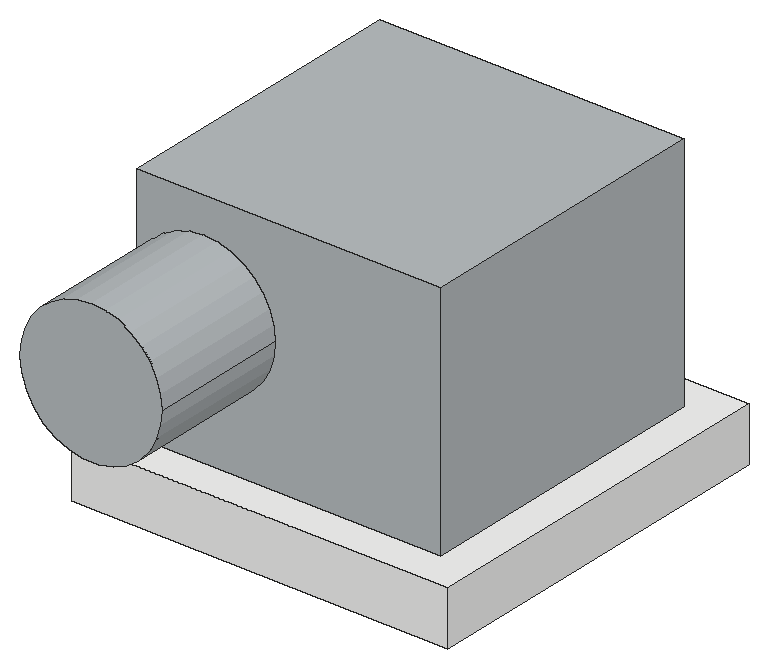
Revit family "vd-18_20ze(p)14-fp_50Hz", category 機械設備, Revit 2019
Family settings
  丸型コネクタ寸法 = 直径を使用
  パーツ タイプ = 標準
  OmniClass 番号 = 23.75.35.17.27
  OmniClass タイトル = Centrifugal Fans
  作業面ベース = いいえ
  常に垂直 = はい
  ロード時にボイドで切り取り = いいえ
  共有 = いいえ
  部屋計算ポイント = はい
Parameters (values of type "VD-20ZEP14-FP")
  騒音レベル(dB(A)) [instance] = 39.5
  風量 [instance] = 500.0 m³/h
  電源種別 [instance] = ""
  電圧 = 100 V
  電動機出力 = 0 W
  電動機_種別 [instance] = ""
  運転質量 = 0.00 kg
  連動 [instance] = ""
  質量 = if(製品質量 > 運転質量, 製品質量, 運転質量) * 1.2  # 7.08 kg
  負荷分類 = 3_ファン類
  説明 = "ダクト用換気扇 消音形 フラットインテリアタイプ"
  設計風量 [instance] = 0.0 m³/h
  設置方法 = "天埋"
  記号 [instance] = ""
  製造元 = "三菱電機株式会社"
  製品質量 = 5.90 kg
  製品出荷対象 = "国内"
  製品リリース年月 = "2024年6月3日"
  製品グループ = ""
  系統 [instance] = ""
  符号 [instance] = if(☑給気／□排気, "FS", "FE")  # "FE"
  積算_科目 = "2 換気設備"
  積算_拾い区分 [instance] = ""
  相 = 1
  盤記号 [instance] = ""
  発停方法 [instance] = ""
  特殊仕様 [instance] = ""
  火災停止 [instance] = ""
  消費電力 = 54 W
  法定耐用年数 = "15"
  機外静圧 [instance] = 0.0 Pa
  極数 = 2
  材質 [instance] = ""
  操作・制御方式 = ""
  操作・制御スイッチ = ""
  排気量 [instance] = if(☑給気／□排気, 0.0 m³/h, 設計風量)  # 0.0 m³/h
  形式 = "天井埋込ダクト形"
  幹線記号 [instance] = ""
  対象室 [instance] = ""
  実風量 [instance] = 0.0 m³/h
  始動方式 [instance] = "直入"
  外気量 [instance] = if(☑給気／□排気, 設計風量, 0.0 m³/h)  # 0.0 m³/h
  呼称 = "天井扇"
  周波数 = 50 Hz
  参照している仕様書等のバージョン = ""
  分類コード = "50052503100030"
  分類グループ = ""
  価格 = 86100
  企業コード = "108420"
  付属品_防振装置 = ""
  付属品 [instance] = ""
  仕様書バージョン = "Version1.0"
  モデル = "VD-20ZEP14-FP"
  マテリアル = 鋼板
  ファンの種類 = ""
  ダクト径 = 150 mm
  コメント [instance] = ""
  Keynote = ""
  カバーマテリアル = 合成樹脂(白)
  ☑給気／□排気 [instance] = no
  Width = 307 mm
  W1 = 380 mm
  Version = ""
  Uniclass2015Version = "Systems v1.9"
  Uniclass2015Title = "Centrifugal fans"
  Uniclass2015Code = "Pr_65_67_29_12"
  URL = "https://www.mitsubishielectric.co.jp/ldg/wink/qr/002/333516/"
  SpecificationReference = ""
  SpecificationDescription = ""
  Revision = ""
  ProductInformation = ""
  OmniClassCode = "23-33 31 19 11 15"
  MIN風量 = 400.0 m³/h
  MIN静圧 = 0.0 Pa
  MID風量 = 0.0 m³/h
  MID静圧 = 0.0 Pa
  MAX風量 = 500.0 m³/h
  MAX静圧 = 0.0 Pa
  IfcTypeProduct = ""
  IfcProduct = ""
  IfcExportType = "PROPELLORAXIAL"
  IfcExportAs = "IfcFanType"
  Height = 243 mm
  H1 = 55 mm
  EAサイズ_D = 144 mm
  Duct_Height = 135 mm
  Duct_Depth = 142 mm
  Duct_Center = 86 mm
  Depth = 307 mm
  D1 = 380 mm
  Author = "三菱電機株式会社"
Types (3, lengths in mm): name | 騒音レベル(dB(A)) | 風量 | 質量 | 製品質量 | 消費電力 | 価格 | モデル | URL | MIN風量 | MAX風量
  VD-18ZEP14-FP | 31.5 | 350.0 m³/h | 6.84 kg | 5.70 kg | 33 W | 64400 | "VD-18ZEP14-FP" | "https://www.mitsubishielectric.co.jp/ldg/wink/qr/002/333647/" | 0.0 m³/h | 350.0 m³/h
  VD-20ZE14-FP | 34 | 400.0 m³/h | 6.84 kg | 5.70 kg | 42 W | 75800 | "VD-20ZE14-FP" | "https://www.mitsubishielectric.co.jp/ldg/wink/qr/002/333515/" | 0.0 m³/h | 400.0 m³/h
  VD-20ZEP14-FP | 39.5 | 500.0 m³/h | 7.08 kg | 5.90 kg | 54 W | 86100 | "VD-20ZEP14-FP" | "https://www.mitsubishielectric.co.jp/ldg/wink/qr/002/333516/" | 400.0 m³/h | 500.0 m³/h
Reference planes
  plane 1 "中心(正面/背面)": y = 0
  plane 2: z = 0
  plane 3 "中心(左/右)": x = 0
  plane 4: x = -190
  plane 5: x = 190
  plane 6: y = 190
  plane 7: y = -190
  plane 8: x = -153.5
  plane 9: x = 153.5
  plane 10: y = 153.5
  plane 11: y = -153.5
  plane 12: y = -295.5
  plane 13: z = 243
  plane 14: z = -55
  plane 15: z = 135
  plane 16: x = -86
Forms (mm)
  Extrusion 1, solid, material "鋼板" <- "マテリアル", detail levels fine
    sketch origin (0, 0, 0) x (1, 0, 0) y (0, 1, 0)
      loop
        line (-153.5, 153.5) -> (-153.5, -153.5) -> (153.5, -153.5) -> (153.5, 153.5) -> (-153.5, 153.5)
    from 0 to 243
  Extrusion 2, solid, material "合成樹脂(白)" <- "カバーマテリアル", detail levels fine
    sketch origin (0, 0, 0) x (1, 0, 0) y (0, 1, 0)
      loop
        line (-190, 190) -> (-190, -190) -> (190, -190) -> (190, 190) -> (-190, 190)
    from 0 to -55
  Extrusion 3, solid, material "鋼板" <- "マテリアル", detail levels fine
    sketch origin (0, 0, 0) x (1, 0, 0) y (0, 0, 1)
      loop
        circle (-86, 135) r 72
    from 153.5 to 295.5
Dimensions and locks
  equal spacing: plane 4, plane 3 "中心(左/右)", plane 5
  "W1": plane 4 to plane 5
  equal spacing: plane 6, plane 1 "中心(正面/背面)", plane 7
  "D1": plane 6 to plane 7
  equal spacing: plane 8, plane 3 "中心(左/右)", plane 9
  "Width": plane 8 to plane 9
  equal spacing: plane 10, plane 1 "中心(正面/背面)", plane 11
  "Depth": plane 10 to plane 11
  "Duct_Depth": plane 11 to plane 12
  "Height": plane 13 to plane 2
  "Duct_Height": plane 15 to plane 2
  "H1": plane 2 to plane 14
  "Duct_Center": plane 3 "中心(左/右)" to plane 16
  "EAサイズ_D": diameter of Extrusion 3 sketch curve
  aligned and locked: level to plane 2
  aligned and locked: plane 5 to Extrusion 2
  aligned and locked: plane 6 to Extrusion 2
  aligned and locked: Extrusion 2 to plane 4
  aligned and locked: Extrusion 2 to plane 7
  aligned and locked: plane 9 to Extrusion 1
  aligned and locked: Extrusion 1 to plane 11
  aligned and locked: Extrusion 1 to plane 8
  aligned and locked: plane 10 to Extrusion 1
  aligned and locked: plane 13 to Extrusion 1
  aligned and locked: Extrusion 2 to plane 14
  aligned and locked: level to Extrusion 2
  aligned and locked: Extrusion 1 to level
  aligned and locked: Extrusion 3 to plane 12
  aligned and locked: plane 11 to Extrusion 3
Automatic sketch dimensions
  Extrusion 1 sketch curve to plane 3 "中心(左/右)" = 153.5 mm
  plane 3 "中心(左/右)" to Extrusion 1 sketch curve = 153.5 mm
  Extrusion 2 sketch curve to plane 3 "中心(左/右)" = 190 mm
  plane 3 "中心(左/右)" to Extrusion 2 sketch curve = 190 mm
  plane 1 "中心(正面/背面)" to Extrusion 1 sketch curve = 153.5 mm
  Extrusion 1 sketch curve to plane 1 "中心(正面/背面)" = 153.5 mm
  plane 1 "中心(正面/背面)" to Extrusion 2 sketch curve = 190 mm
  Extrusion 2 sketch curve to plane 1 "中心(正面/背面)" = 190 mm
  Extrusion 3 sketch curve to plane 15 = 0 mm
  Extrusion 3 sketch curve to plane 16 = 0 mm
Nested families
  nested 1: "記号_天井換気扇_平面" at (0, 0, 0), type "記号_天井換気扇_平面", detail levels coarse+medium
Connectors
  hvac at (-86, -295.5, 135), driven by "ダクト径", driven by "風量", driven by "機外静圧"
    settings: on Extrusion 3, index 1, duct flow 500.0 m³/h, flow factor 0, pres drop 0.0 Pa, loss coef 0, conn angle 0.00°, conn width 304.8 mm, conn height 304.8 mm, conn diameter 150 mm, duct sys type 3, conn prof type 0, flow config 0, flow direction 2, loss method 4, conn ref index -1, conn util no, is conn primary yes, conn desc ""
  electrical at (0, 0, 243), driven by "極数", driven by "負荷分類", driven by "電圧", driven by "消費電力"
    settings: on Extrusion 1, index 2, voltage 100 V, apparent load 54 VA, apparent load phase1 0 VA, apparent load phase2 0 VA, apparent load phase3 0 VA, power factor 1, load classification "3_ファン類", number of poles 2, system type 30, power factor state 1, is connector primary yes, connector utility no, sub classification motor no, connector description ""
Definition of nested family "記号_天井換気扇_平面"
  Reference planes
    plane 1: y = 0
    plane 2: x = 0
  Lines and regions (mm)
    detail lines
      curve 1: line (-2.5, 2.5, 0) -> (2.5, 2.5, 0)
      curve 2: line (-2.5, -2.5, 0) -> (-2.5, 2.5, 0)
      curve 3: line (2.5, -2.5, 0) -> (-2.5, -2.5, 0)
      curve 4: line (2.5, 2.5, 0) -> (2.5, -2.5, 0)
      curve 5: circle (-1.04, -1.04, 0) r 1.46 normal (0, 0, 1)
      curve 6: circle (1.04, 1.04, 0) r 1.46 normal (0, 0, 1)
      curve 7: line (-3.125, 3.125, 0) -> (3.125, 3.125, 0)
      curve 8: line (-3.125, -3.125, 0) -> (-3.125, 3.125, 0)
      curve 9: line (3.125, -3.125, 0) -> (-3.125, -3.125, 0)
      curve 10: line (3.125, 3.125, 0) -> (3.125, -3.125, 0)
      curve 11: circle (1.295, 1.295, 0) r 1.83 normal (0, 0, 1)
      curve 12: circle (-1.295, -1.295, 0) r 1.83 normal (0, 0, 1)
      curve 13: line (-2, 2, 0) -> (2, 2, 0)
      curve 14: line (-2, -2, 0) -> (-2, 2, 0)
      curve 15: line (2, -2, 0) -> (-2, -2, 0)
      curve 16: line (2, 2, 0) -> (2, -2, 0)
      curve 17: circle (0.84, 0.84, 0) r 1.16 normal (0, 0, 1)
      curve 18: circle (-0.84, -0.84, 0) r 1.2 normal (0, 0, 1)
